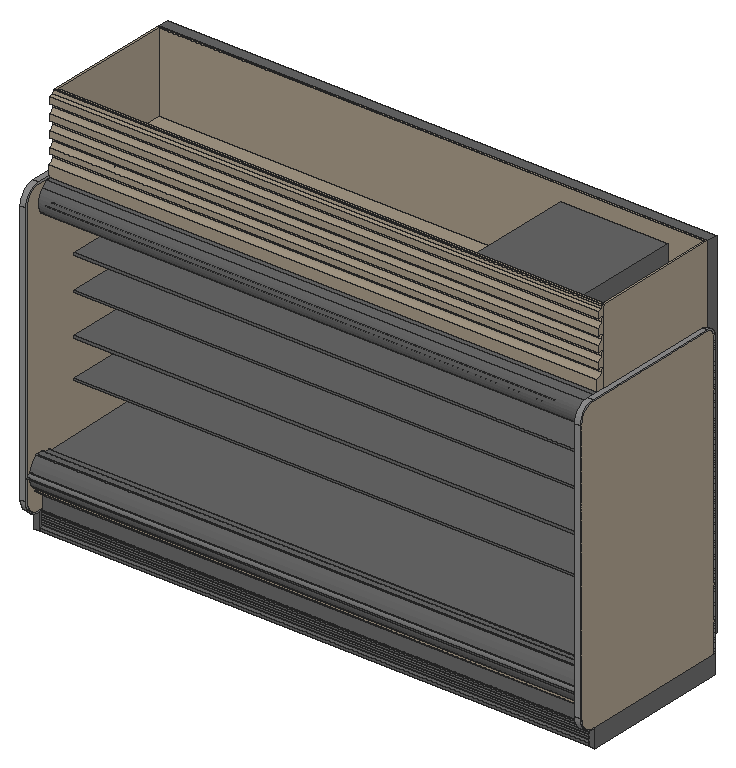
Revit family "O5DMA", category Mechanical Equipment, Revit 2019
Family settings
  Round Connector Dimension = Use Radius
  Part Type = Normal
  OmniClass Number = 23.40.40.11.17
  OmniClass Title = Refrigerated Cases
  Work Plane-Based = Yes
  Always vertical = Yes
  Cut with Voids When Loaded = No
  Shared = No
  Room Calculation Point = No
Parameters (values of type "12'")
  Width = 43 1/4"  # constant formula
  URL = "http://www.hillphoenix.com/?s=o5dma"
  Type of Case = ""
  Timed-Off Defrost Termination Temp = 42 °F  # constant formula
  Timed-Off Defrost Fail-Safe (Min) = "45 (min)"  # constant formula
  TOP REFRIGERATION PIPING = yes
  TOP ELECTRICAL = yes
  Systems Wire = "3 wire + ground"  # constant formula
  Systems Minimum Circuit Amps = 25.3 A
  Systems Maximum Overcurrent Protection = 40 A
  Systems Frequency = 60 Hz
  System Data Volts = 208 V
  System Data Phase = 1  # constant formula
  Superheat Set Point @ Bulb (°F) = "6-8  °F"  # constant formula
  Suction Pressure @ Case Outlet (psig) = 58.00 psi  # constant formula
  Running Load (RLA) Amps = 18 A
  Refrigerant = "R404A"  # constant formula
  Refgn = 28 5/8"
  RT STD END = yes
  RUBBER BUMPER [instance] = BLACK
  REAR REFRIGERATION PIPING = yes
  PAINTED METAL UPPER SHELF = PAINTED SHELVES
  PAINTED METAL INTERIOR [instance] = GALVANIZED STEEL
  PAINTED METAL EXTERIOR [instance] = CHARCOAL BROWN
  Number of Fans = 4
  Model = "O5DMA-NRG"  # constant formula
  Maximum Lights Watts = 195 W
  Maximum Lights Amps = 1.62 A
  Manufacturer = "HILL PHOENIX"  # constant formula
  Locked Rotor (LRA) Amps = 75 A
  Length of Cases = 0"
  Length = 144"
  Legend Number = Model  # "O5DMA-NRG"
  Lbs. of Refrigerant = 8.1
  LF STD END = yes
  Keynote = ""  # constant formula
  Item Description = Description  # "Multi-Deck Merchandiser"
  High Efficiency Watts = 70 W
  High Efficiency Amps = 0.94 A
  Height = 101 21/32"
  GLASS = Glass
  Evaporator Pan Heater  Watts = 0 W
  Evaporator Pan Heater  Amps = 0 A
  EQUIPMENT MARK = Legend Number  # "O5DMA-NRG"
  EQUIPMENT DESCRIPTION = Item Description  # "Multi-Deck Merchandiser"
  Drain Pump Watts = 0 W
  Drain Pump Amps = 0 A
  Discharge Air Velocity (FPM) = 200 FPM  # constant formula
  Discharge Air (°F) = 31 °F  # constant formula
  Description = "Multi-Deck Merchandiser"  # constant formula
  Defrosts Per Day = 6  # constant formula
  Default Elevation = 48"
  DRAIN PIPING = yes
  DRAIN LINE = 72"
  DESIGNERS NAME = "SHIDDRAMESH"  # constant formula
  DATE = "05/20/2016"  # constant formula
  Condensing Frequency (Hz) = 60 Hz
  Condensing Data  Phase = 1  # constant formula
  Condensing  Data Volts = 208 V
  Condensed Horsepower = ""
  Certifications = "NSF 7, UL471, CSA"  # constant formula
  CENTER LINE = Length / 2  # 72"
  BOTTOM REFRIGERATION PIPING = yes
  BOTTOM ELECTRICAL = yes
  BASE [instance] = BLACK PAINTED METAL
  Assembly Code = ""
  24" Shelf = yes
Reference planes (in)
  plane 1: z = 0.01963
  plane 2 "LEFT": x = 0
  plane 3 "CASE RIGHT": x = 144
  plane 4: z = 0
  plane 5: y = -15.80744
  plane 6: x = 145.5
  plane 7: x = 72
  plane 8: y = -59.05744
  plane 9: x = 143.5
  plane 10: z = 17.75897
  plane 11: z = 101.65625
Forms (in)
  Extrusion 1, solid, material "BLACK PAINTED METAL" <- "BASE"
    sketch origin (0, 0, 0) x (0, 1, 0) y (0, 0, 1)
      loop
        line (-15.80744, 5.125) -> (-47.55744, 5.125) -> (-47.55744, 0) -> (-45.71494, 0) -> (-45.71494, 2.94807) -> (-17.58744, 2.94807) -> (-17.58744, 0) -> (-15.80744, 0) -> (-15.80744, 5.125)
    from 0 to 144
  Extrusion 2, solid, material "BLACK PAINTED METAL" <- "BASE"
    sketch origin (0, 0, 0) x (0, 1, 0) y (0, 0, 1)
      loop
        line (-50.20012, 5.125) -> (-53.93244, 8.13836) -> (-53.93244, 0.43216) -> (-47.55744, 0.43216) -> (-47.55744, 5.125) -> (-50.20012, 5.125)
    from 0 to 144
  Extrusion 3, solid, material "BLACK PAINTED METAL"
    sketch origin (0, 0, 0) x (0, 1, 0) y (0, 0, 1)
      loop
        line (-54.22902, 8.37781) -> (-54.22902, 4.78705) -> (-54.22902, 4.64409)
        arc (-54.22902, 4.64409) -> (-54.38049, 4.5454) -> (-54.55908, 4.51727) r 0.43232
        line (-54.55908, 4.51727) -> (-54.55908, 4.01727) -> (-54.48058, 4.01727) -> (-54.06179, 4.09724) -> (-54.19916, 3.66264)
        arc (-54.19916, 3.66264) -> (-54.3352, 3.43693) -> (-54.55908, 3.29789) r 0.56287
        line (-54.55908, 3.29789) -> (-54.55908, 2.79789) -> (-54.48058, 2.79789) -> (-54.06179, 2.88284) -> (-54.19916, 2.44327)
        arc (-54.19916, 2.44327) -> (-54.33489, 2.21725) -> (-54.55908, 2.07851) r 0.55931
        line (-54.55908, 2.07851) -> (-54.55908, 1.57851) -> (-54.48058, 1.57851) -> (-54.06179, 1.66347) -> (-54.18557, 1.22002)
        arc (-54.18557, 1.22002) -> (-54.3739, 0.95321) -> (-54.68244, 0.84617) r 0.53344
        line (-54.68244, 0.84617) -> (-54.68244, 0) -> (-53.93244, 0) -> (-53.93244, 8.13836) -> (-54.22902, 8.37781)
    from 0 to 144
  Extrusion 4, solid, material "BLACK PAINTED METAL" <- "BASE"
    sketch origin (0, 0, 0) x (0, 1, 0) y (0, 0, 1)
      loop
        line (-56.25153, 11.27385) -> (-56.25153, 15.40325) -> (-54.30253, 15.40325) -> (-54.30253, 18.09848) -> (-54.1288, 18.09848) -> (-54.1288, 18.625)
        arc (-54.1288, 18.625) -> (-54.16541, 18.71339) -> (-54.2538, 18.75) r 0.125
        line (-54.2538, 18.75) -> (-55.9238, 18.75)
        arc (-55.9238, 18.75) -> (-56.15185, 18.70691) -> (-56.34846, 18.58357) r 0.625
        arc (-56.34846, 18.58357) -> (-57.60247, 17.03605) -> (-58.36985, 15.19799) r 7
        arc (-58.36985, 15.19799) -> (-57.7124, 14.51884) -> (-58.36985, 13.83968) r 0.67952
        arc (-58.36985, 13.83968) -> (-57.95374, 12.5156) -> (-57.189, 11.35737) r 4.98966
        arc (-57.189, 11.35737) -> (-57.11756, 11.30115) -> (-57.03084, 11.27385) r 0.25263
        line (-57.03084, 11.27385) -> (-56.25153, 11.27385)
    from 0 to 144
  Extrusion 5, solid, material "BLACK PAINTED METAL" <- "BASE"
    sketch origin (0, 0, 0) x (0, 1, 0) y (0, 0, 1)
      loop
        arc (-54.30253, 13.448) -> (-52.47048, 9.13196) -> (-48.09313, 7.45166) r 6
        line (-48.09313, 7.45166) -> (-45.80791, 6.18488) -> (-43.17736, 6.18488) -> (-41.08634, 7.70386) -> (-23.60242, 8.33316)
        arc (-23.60242, 8.33316) -> (-19.4889, 10.16196) -> (-17.78682, 14.32951) r 6.03269
        line (-17.78682, 14.32951) -> (-17.78682, 15.93488) -> (-19.88009, 15.93488) -> (-19.88009, 18.45977)
        arc (-19.88009, 18.45977) -> (-20.03379, 18.16305) -> (-20.34015, 18.02959) r 0.49958
        line (-20.34015, 18.02959) -> (-24.07806, 17.76769) -> (-24.07806, 18.09271) -> (-51.87458, 17.60752) -> (-51.87458, 17.79015)
        arc (-51.87458, 17.79015) -> (-51.94971, 17.99322) -> (-52.13893, 18.09848) r 0.312
        line (-52.13893, 18.09848) -> (-54.30253, 18.09848) -> (-54.30253, 13.448)
    from 0 to 144
  Extrusion 6, solid, material "BLACK" <- "RUBBER BUMPER"
    sketch origin (0, 0, 0) x (0, 1, 0) y (0, 0, 1)
      loop
        circle (-58.38801, 14.51855) r 0.67969
    from 0 to 144
  Extrusion 7, solid, material "CHARCOAL BROWN" <- "PAINTED METAL EXTERIOR"
    sketch origin (0, 0, 0) x (0, 1, 0) y (0, 0, 1)
      loop
        line (-56.25153, 10.01073) -> (-50.20012, 5.125) -> (-15.80744, 5.125) -> (-15.80744, 80.85931) -> (-49.61236, 80.85931) -> (-49.61236, 78.88331) -> (-17.78682, 78.88331) -> (-17.78682, 14.32951)
        arc (-17.78682, 14.32951) -> (-19.4889, 10.16196) -> (-23.60242, 8.33316) r 6.03269
        line (-23.60242, 8.33316) -> (-41.08634, 7.70386) -> (-43.17736, 6.18488) -> (-45.80791, 6.18488) -> (-48.09313, 7.45166)
        arc (-48.09313, 7.45166) -> (-52.47048, 9.13196) -> (-54.30253, 13.448) r 6
        line (-54.30253, 13.448) -> (-54.30253, 15.40325) -> (-56.25153, 15.40325) -> (-56.25153, 10.01073)
    from 0 to 144
  Extrusion 8, solid, material "BLACK PAINTED METAL" <- "BASE", visible <- "24" Shelf"
    sketch origin (0, 0, 0) x (0, 1, 0) y (0, 0, 1)
      loop
        line (-19.87926, 57.79801) -> (-19.87926, 60.75474) -> (-43.87458, 60.75474) -> (-43.87458, 60.19474) -> (-34.27847, 60.19474) -> (-34.21985, 60.05929) -> (-23.41026, 59.12633)
        arc (-23.41026, 59.12633) -> (-22.74189, 58.94595) -> (-22.14862, 58.58919) r 2.5
        line (-22.14862, 58.58919) -> (-21.44578, 58.02048)
        arc (-21.44578, 58.02048) -> (-21.14236, 57.85236) -> (-20.79975, 57.79801) r 1
        line (-20.79975, 57.79801) -> (-19.87926, 57.79801)
    from 0 to 144
  Extrusion 9, solid, material "GALVANIZED STEEL"
    sketch origin (0, 0, 0) x (0, 1, 0) y (0, 0, 1)
      loop
        circle (-50.5347, 75.84283) r 0.5625
      loop
        circle (-52.30955, 75.86355) r 0.5625
    from 0 to 144
  Extrusion 10, solid, material "BLACK PAINTED METAL" <- "BASE"
    sketch origin (0, 0, 0) x (0, 1, 0) y (0, 0, 1)
      loop
        line (-37.63481, 80.85931) -> (-37.63481, 81.6875) -> (-52.8689, 81.6875)
        arc (-52.8689, 81.6875) -> (-53.4977, 81.01793) -> (-54.14931, 80.37052) r 26.53001
        arc (-54.14931, 80.37052) -> (-55.42417, 77.53461) -> (-54.37412, 74.60799) r 4.15516
        arc (-54.37412, 74.60799) -> (-54.21392, 74.51939) -> (-54.03349, 74.55038) r 0.27632
        line (-54.03349, 74.55038) -> (-53.79968, 74.9127) -> (-53.73043, 75.14311) -> (-53.41173, 75.40128) -> (-53.19842, 76.55776) -> (-49.89581, 76.55776) -> (-48.19289, 75.49837) -> (-48.06435, 75.49837) -> (-48.06403, 78.88331) -> (-49.61236, 78.88331) -> (-49.61236, 80.85931) -> (-37.63481, 80.85931)
    from 0 to 144
  Extrusion 11, solid, material "GALVANIZED STEEL" <- "PAINTED METAL INTERIOR"
    sketch origin (0, 0, 0) x (0, 1, 0) y (0, 0, 1)
      loop
        line (-48.06403, 78.88331) -> (-48.06436, 75.36307)
        arc (-48.06436, 75.36307) -> (-48.03874, 75.3012) -> (-47.97687, 75.27557) r 0.08749
        line (-47.97687, 75.27557) -> (-47.63763, 75.27557)
        arc (-47.63763, 75.27557) -> (-47.62513, 75.28807) -> (-47.63763, 75.30057) r 0.0125
        line (-47.63763, 75.30057) -> (-47.97686, 75.30057)
        arc (-47.97686, 75.30057) -> (-48.02106, 75.31888) -> (-48.03936, 75.36307) r 0.0625
        line (-48.03936, 75.36307) -> (-48.03936, 76.47436) -> (-43.92164, 76.47436) -> (-43.92164, 75.36307)
        arc (-43.92164, 75.36307) -> (-43.93994, 75.31888) -> (-43.98414, 75.30057) r 0.0625
        line (-43.98414, 75.30057) -> (-44.35674, 75.30057)
        arc (-44.35674, 75.30057) -> (-44.36924, 75.28807) -> (-44.35674, 75.27557) r 0.0125
        line (-44.35674, 75.27557) -> (-43.98413, 75.27557)
        arc (-43.98413, 75.27557) -> (-43.92226, 75.3012) -> (-43.89664, 75.36306) r 0.08749
        line (-43.89664, 75.36306) -> (-43.89664, 76.75897) -> (-20.87311, 76.75897)
        arc (-20.87311, 76.75897) -> (-20.20195, 76.49895) -> (-19.87926, 75.85558) r 1
        line (-19.87926, 75.85558) -> (-19.87926, 15.93488) -> (-17.78682, 15.93488) -> (-17.78682, 78.88331) -> (-48.06403, 78.88331)
    from 0 to 144
  Extrusion 12, solid, material "BLACK PAINTED METAL" <- "BASE"
    sketch origin (0, 0, 0) x (0, 1, 0) y (0, 0, 1)
      loop
        line (-43.95946, 75.47436) -> (-43.95946, 76.47436) -> (-47.95945, 76.47436) -> (-47.95945, 75.47436) -> (-43.95946, 75.47436)
    from 0 to 144
  Extrusion 13, solid, material "BLACK PAINTED METAL" <- "BASE", visible <- "LF STD END"
    sketch origin (0, -2.3795, -30.67646) x (0, 1, 0) y (0, 0, 1)
      loop
        line (-12.92794, 30.67646) -> (-12.92794, 35.55146) -> (-52.30294, 35.55146) -> (-52.30294, 30.67646) -> (-12.92794, 30.67646)
    from 0 to -1.5
  Extrusion 14, solid, material "GALVANIZED STEEL", visible <- "LF STD END"
    sketch origin (0, 0, 0) x (0, 1, 0) y (0, 0, 1)
      loop
        arc (-59.05744, 77.875) -> (-57.88587, 80.70343) -> (-55.05744, 81.875) r 4
        line (-55.05744, 81.875) -> (-17.55744, 81.875)
        arc (-17.55744, 81.875) -> (-16.14322, 81.28921) -> (-15.55744, 79.875) r 2
        line (-15.55744, 79.875) -> (-15.55744, 4.875) -> (-15.30834, 4.875) -> (-15.30834, 79.87387)
        arc (-15.30834, 79.87387) -> (-15.96695, 81.4639) -> (-17.55699, 82.12251) r 2.24864
        line (-17.55699, 82.12251) -> (-55.05168, 82.12251)
        arc (-55.05168, 82.12251) -> (-58.05413, 80.87886) -> (-59.29778, 77.87642) r 4.24609
        line (-59.29778, 77.87642) -> (-59.29778, 8.8828)
        arc (-59.29778, 8.8828) -> (-57.92141, 5.74874) -> (-54.68244, 4.64158) r 4.25639
        line (-54.68244, 4.64158) -> (-54.68244, 4.875) -> (-55.05744, 4.875)
        arc (-55.05744, 4.875) -> (-57.88587, 6.04657) -> (-59.05744, 8.875) r 4
        line (-59.05744, 8.875) -> (-59.05744, 77.875)
    from 0 to -1.5
  Extrusion 15, solid, material "CHARCOAL BROWN" <- "PAINTED METAL EXTERIOR", visible <- "LF STD END"
    sketch origin (0, 0, 0) x (0, 1, 0) y (0, 0, 1)
      loop
        line (-59.05744, 77.875) -> (-59.05744, 8.875)
        arc (-59.05744, 8.875) -> (-57.88587, 6.04657) -> (-55.05744, 4.875) r 4
        line (-55.05744, 4.875) -> (-15.55744, 4.875) -> (-15.55744, 79.875)
        arc (-15.55744, 79.875) -> (-16.14322, 81.28921) -> (-17.55744, 81.875) r 2
        line (-17.55744, 81.875) -> (-55.05744, 81.875)
        arc (-55.05744, 81.875) -> (-57.88587, 80.70343) -> (-59.05744, 77.875) r 4
    from 0 to -1.5
  Extrusion 16, void
    sketch origin (0, 0, 0) x (1, 0, 0) y (0, 1, 0)
      loop
        circle (72, -44.43244) r 2
    from 0 to 4.875
  Extrusion 17, solid, material "COPPER PIPE", visible <- "DRAIN PIPING"
    sketch origin (0, 0, 0) x (1, 0, 0) y (0, 1, 0)
      loop
        circle (72, -44.43244) r 1.5
    from 2.62634 to 4.875
  Extrusion 18, void
    sketch origin (0, -15.80744, 74.55006) x (0, 0, 1) y (-1, 0, 0)
      loop
        circle (-60.05006, -140) r 2
    from 0 to 1.81288
  Extrusion 19, solid, material "COPPER PIPE", visible <- "REAR REFRIGERATION PIPING"
    sketch origin (72, -10.74044, 0) x (-1, 0, 0) y (0, 0, 1)
      loop
        circle (-68.8665, 14.5) r 0.5
      loop
        circle (-67.35422, 14.5) r 0.375
    from -6.87988 to -4.817
  Extrusion 20, solid, material "BLACK PAINTED METAL" <- "BASE"
    sketch origin (0, 0, 0) x (0, 1, 0) y (0, 0, 1)
      loop
        line (-19.87926, 66.71929) -> (-19.92311, 66.71929) -> (-19.92311, 65.21932) -> (-19.97809, 65.25402) -> (-20.44205, 65.90446) -> (-20.73424, 65.69605)
        arc (-20.73424, 65.69605) -> (-20.75909, 65.66695) -> (-20.75609, 65.6288) r 0.05
        line (-20.75609, 65.6288) -> (-20.44397, 65.01623)
        arc (-20.44397, 65.01623) -> (-20.38221, 64.96159) -> (-20.29977, 64.96375) r 0.1125
        line (-20.29977, 64.96375) -> (-19.94165, 65.11576)
        arc (-19.94165, 65.11576) -> (-19.90335, 65.14257) -> (-19.87926, 65.18263) r 0.1125
        line (-19.87926, 65.18263) -> (-19.87926, 66.71929)
      loop
        line (-27.30277, 75.80368) -> (-27.66571, 76.3125)
        arc (-27.66571, 76.3125) -> (-27.69816, 76.33278) -> (-27.73545, 76.32417) r 0.05
        line (-27.73545, 76.32417) -> (-28.11686, 76.05212) -> (-28.62106, 76.75897) -> (-29.26082, 76.75897) -> (-29.26082, 76.69357) -> (-28.63582, 76.69357) -> (-27.68977, 75.36726)
        arc (-27.68977, 75.36726) -> (-27.65448, 75.35464) -> (-27.61713, 75.35783) r 0.08819
        line (-27.61713, 75.35783) -> (-27.51469, 75.38943) -> (-27.31116, 75.5346) -> (-27.43554, 75.70898) -> (-27.30277, 75.80368)
    from 0 to 144
  Extrusion 21, solid, material "Glass" <- "GLASS"
    sketch origin (0, 0, 0) x (0, 1, 0) y (0, 0, 1)
      loop
        line (-20.64558, 65.75929) -> (-20.44205, 65.90446) -> (-27.31116, 75.5346) -> (-27.51469, 75.38943) -> (-20.64558, 65.75929)
    from 0 to 144
  Extrusion 22, solid, material "GALVANIZED STEEL"
    sketch origin (0, 0, 0) x (0, 1, 0) y (0, 0, 1)
      loop
        circle (-30.47912, 75.6181) r 0.5625
    from 0 to 144
  Extrusion 23, solid, material "BLACK PAINTED METAL" <- "BASE"
    sketch origin (0, 0, 0) x (0, 1, 0) y (0, 0, 1)
      loop
        line (-32.31293, 73.75579) -> (-32.25168, 73.76823) -> (-32.38068, 74.40325) -> (-32.38068, 76.70946) -> (-31.56818, 76.70946) -> (-31.56818, 75.77196) -> (-30.16193, 76.70946) -> (-29.69318, 76.70946) -> (-29.69318, 76.75897) -> (-32.44318, 76.75897) -> (-32.44318, 74.39696) -> (-32.31293, 73.75579)
    from 0 to 144
  Extrusion 24, solid, material "BLACK PAINTED METAL" <- "BASE", visible <- "24" Shelf"
    sketch origin (0, 0, -8.80362) x (0, 1, 0) y (0, 0, 1)
      loop
        line (-19.87926, 57.79801) -> (-19.87926, 60.75474) -> (-43.87458, 60.75474) -> (-43.87458, 60.19474) -> (-34.27847, 60.19474) -> (-34.21985, 60.05929) -> (-23.41026, 59.12633)
        arc (-23.41026, 59.12633) -> (-22.74189, 58.94595) -> (-22.14862, 58.58919) r 2.5
        line (-22.14862, 58.58919) -> (-21.44578, 58.02048)
        arc (-21.44578, 58.02048) -> (-21.14236, 57.85236) -> (-20.79975, 57.79801) r 1
        line (-20.79975, 57.79801) -> (-19.87926, 57.79801)
    from 0 to 144
  Extrusion 25, solid, material "BLACK PAINTED METAL" <- "BASE", visible <- "24" Shelf"
    sketch origin (0, 0, -19.43409) x (0, 1, 0) y (0, 0, 1)
      loop
        line (-19.87926, 57.79801) -> (-19.87926, 60.75474) -> (-43.87458, 60.75474) -> (-43.87458, 60.19474) -> (-34.27847, 60.19474) -> (-34.21985, 60.05929) -> (-23.41026, 59.12633)
        arc (-23.41026, 59.12633) -> (-22.74189, 58.94595) -> (-22.14862, 58.58919) r 2.5
        line (-22.14862, 58.58919) -> (-21.44578, 58.02048)
        arc (-21.44578, 58.02048) -> (-21.14236, 57.85236) -> (-20.79975, 57.79801) r 1
        line (-20.79975, 57.79801) -> (-19.87926, 57.79801)
    from 0 to 144
  Extrusion 26, solid, material "BLACK PAINTED METAL" <- "BASE", visible <- "24" Shelf"
    sketch origin (0, 0, -29.48744) x (0, 1, 0) y (0, 0, 1)
      loop
        line (-19.87926, 57.79801) -> (-19.87926, 60.75474) -> (-43.87458, 60.75474) -> (-43.87458, 60.19474) -> (-34.27847, 60.19474) -> (-34.21985, 60.05929) -> (-23.41026, 59.12633)
        arc (-23.41026, 59.12633) -> (-22.74189, 58.94595) -> (-22.14862, 58.58919) r 2.5
        line (-22.14862, 58.58919) -> (-21.44578, 58.02048)
        arc (-21.44578, 58.02048) -> (-21.14236, 57.85236) -> (-20.79975, 57.79801) r 1
        line (-20.79975, 57.79801) -> (-19.87926, 57.79801)
    from 0 to 144
  Extrusion 27, solid, material "BLACK PAINTED METAL" <- "BASE", visible <- "RT STD END"
    sketch origin (78, -2.3795, -30.67646) x (0, 1, 0) y (0, 0, 1)
      loop
        line (-12.92794, 30.67646) -> (-12.92794, 35.55146) -> (-52.30294, 35.55146) -> (-52.30294, 30.67646) -> (-12.92794, 30.67646)
    from 67.5 to 66
  Extrusion 28, solid, material "GALVANIZED STEEL", visible <- "RT STD END"
    sketch origin (78, 0, 0) x (0, 1, 0) y (0, 0, 1)
      loop
        arc (-59.05744, 77.875) -> (-57.88587, 80.70343) -> (-55.05744, 81.875) r 4
        line (-55.05744, 81.875) -> (-17.55744, 81.875)
        arc (-17.55744, 81.875) -> (-16.14322, 81.28921) -> (-15.55744, 79.875) r 2
        line (-15.55744, 79.875) -> (-15.55744, 4.875) -> (-15.30834, 4.875) -> (-15.30834, 79.87387)
        arc (-15.30834, 79.87387) -> (-15.96695, 81.4639) -> (-17.55699, 82.12251) r 2.24864
        line (-17.55699, 82.12251) -> (-55.05168, 82.12251)
        arc (-55.05168, 82.12251) -> (-58.05413, 80.87886) -> (-59.29778, 77.87642) r 4.24609
        line (-59.29778, 77.87642) -> (-59.29778, 8.8828)
        arc (-59.29778, 8.8828) -> (-57.92141, 5.74874) -> (-54.68244, 4.64158) r 4.25639
        line (-54.68244, 4.64158) -> (-54.68244, 4.875) -> (-55.05744, 4.875)
        arc (-55.05744, 4.875) -> (-57.88587, 6.04657) -> (-59.05744, 8.875) r 4
        line (-59.05744, 8.875) -> (-59.05744, 77.875)
    from 67.5 to 66
  Extrusion 29, solid, material "CHARCOAL BROWN" <- "PAINTED METAL EXTERIOR", visible <- "RT STD END"
    sketch origin (78, 0, 0) x (0, 1, 0) y (0, 0, 1)
      loop
        line (-59.05744, 77.875) -> (-59.05744, 8.875)
        arc (-59.05744, 8.875) -> (-57.88587, 6.04657) -> (-55.05744, 4.875) r 4
        line (-55.05744, 4.875) -> (-15.55744, 4.875) -> (-15.55744, 79.875)
        arc (-15.55744, 79.875) -> (-16.14322, 81.28921) -> (-17.55744, 81.875) r 2
        line (-17.55744, 81.875) -> (-55.05744, 81.875)
        arc (-55.05744, 81.875) -> (-57.88587, 80.70343) -> (-59.05744, 77.875) r 4
    from 67.5 to 66
  Extrusion 30, solid, material "CHARCOAL BROWN" <- "PAINTED METAL EXTERIOR"
    sketch origin (0, 0, 0) x (0, 1, 0) y (0, 0, 1)
      loop
        line (-15.80744, 101.65625) -> (-49.75144, 101.65625) -> (-49.75144, 81.6875) -> (-37.63481, 81.6875) -> (-37.63481, 80.85931) -> (-15.80744, 80.85931) -> (-15.80744, 101.65625)
    from 0 to 0.5
  Extrusion 31, solid, material "CHARCOAL BROWN" <- "PAINTED METAL EXTERIOR"
    sketch origin (0, 0, 0) x (0, 1, 0) y (0, 0, 1)
      loop
        line (-16.30744, 80.85931) -> (-15.80744, 80.85931) -> (-15.80744, 101.65625) -> (-16.30744, 101.65625) -> (-16.30744, 80.85931)
      loop
        line (-49.75144, 101.65625) -> (-49.75144, 81.71875) -> (-49.19533, 81.71875) -> (-49.19533, 101.65625) -> (-49.75144, 101.65625)
    from 0.5 to 143.5
  Extrusion 32, solid, material "CHARCOAL BROWN" <- "PAINTED METAL EXTERIOR"
    sketch origin (107, 0, 0) x (0, 1, 0) y (0, 0, 1)
      loop
        line (-15.80744, 101.65625) -> (-49.75144, 101.65625) -> (-49.75144, 81.6875) -> (-37.634, 81.6875) -> (-37.634, 80.85931) -> (-15.80744, 80.85931) -> (-15.80744, 101.65625)
    from 36.5 to 37
  Extrusion 33, solid, material "BLACK PAINTED METAL" <- "BASE"
    sketch origin (0, 0, 0) x (0, 1, 0) y (0, 0, 1)
      loop
        line (-15.80744, 101.65354) -> (-15.80744, 8.12799) -> (-12.80744, 8.12799) -> (-12.80744, 101.65354) -> (-15.80744, 101.65354)
    from 0 to 144
  Extrusion 34, solid, visible <- "BOTTOM ELECTRICAL"
    sketch origin (0, 0, 0) x (1, 0, 0) y (0, 1, 0)
      loop
        line (2.66524, -23.43754) -> (2.66524, -27.93754) -> (9.66524, -27.93754) -> (9.66524, -23.43754) -> (2.66524, -23.43754)
    from 2.94807 to 2.69807
  Extrusion 35, solid, material "BLACK PAINTED METAL" <- "BASE"
    sketch origin (92, 0.82737, -0.08019) x (0, 1, 0) y (0, 0, 1)
      loop
        line (-37.63481, 80.93949) -> (-18.41481, 80.93949) -> (-18.41481, 98.78097) -> (-50.25971, 98.78097) -> (-50.25971, 81.76769) -> (-37.63481, 81.76769) -> (-37.63481, 80.93949)
    from 15 to 43
  Extrusion 36, solid, material "CHARCOAL BROWN" <- "PAINTED METAL EXTERIOR"
    sketch origin (0, 2.49229, 82.12251) x (0, 1, 0) y (0, 0, 1)
      loop
        line (-52.24373, 19.53374) -> (-52.78351, 19.53374) -> (-52.96445, 18.88553)
        arc (-52.96445, 18.88553) -> (-53.44723, 18.57097) -> (-54.01643, 18.48134) r 1.37791
        line (-54.01643, 18.48134) -> (-54.01643, 16.88772) -> (-53.76623, 16.88772) -> (-52.43145, 17.1426) -> (-52.86927, 15.75743)
        arc (-52.86927, 15.75743) -> (-53.30288, 15.03804) -> (-54.01643, 14.59488) r 1.79401
        line (-54.01643, 14.59488) -> (-54.01643, 12.804) -> (-53.76623, 12.804) -> (-52.43145, 13.05888) -> (-52.86927, 11.67371)
        arc (-52.86927, 11.67371) -> (-53.30288, 10.95432) -> (-54.01643, 10.51116) r 1.79401
        line (-54.01643, 10.51116) -> (-54.01643, 8.91754) -> (-53.76623, 8.91754) -> (-52.43145, 9.1883) -> (-52.87108, 7.78734)
        arc (-52.87108, 7.78734) -> (-53.30525, 7.06498) -> (-54.02265, 6.62269) r 1.78322
        line (-54.02265, 6.62269) -> (-54.02265, 5.03109) -> (-53.76623, 5.03109) -> (-52.43145, 5.30186) -> (-52.82597, 3.88849)
        arc (-52.82597, 3.88849) -> (-53.42622, 3.03812) -> (-54.4096, 2.69695) r 1.7002
        line (-54.4096, 2.69695) -> (-54.4096, 0) -> (-52.24373, 0) -> (-52.24373, 19.53374)
    from 0 to 144
Cuts and joins
  Extrusion 16 cuts Extrusion 1
  Extrusion 18 cuts Extrusion 5
  Extrusion 18 cuts Extrusion 7
  Extrusion 18 cuts Extrusion 11
Dimensions and locks (in)
  "Length": plane 2 "LEFT" to plane 3 "CASE RIGHT"
  "DRAIN LINE": plane 2 "LEFT" to plane 7
  locked: plane 3 "CASE RIGHT" to plane 6 at 1.5
  "Width": plane 5 to plane 8
  locked: Extrusion 16 sketch curve to plane 5 at 28.625
  locked: Extrusion 17 sketch curve to plane 5 at 28.625
  locked: plane 5 to Extrusion 11 sketch curve at 32.25659
  locked: plane 9 to plane 3 "CASE RIGHT" at 0.5
  cut or joined group of Extrusion 1, Extrusion 16 to cut or joined group of Extrusion 1, Extrusion 16 = 31 3/4"
  cut or joined group of Extrusion 1, Extrusion 16 to Extrusion 3 = 6 3/8"
  plane 5 to Extrusion 13 = 38 7/8"
  plane 4 to Extrusion 6 = 14.51855"
  plane 4 to Extrusion 4 = 18 3/4"
  Extrusion 10 to Extrusion 4 = 55.76552"
  plane 5 to Extrusion 36 = 36.10987"
  plane 5 to Extrusion 10 = 39.61989"
  cut or joined group of Extrusion 11, Extrusion 18 to Extrusion 24 = 23.99532"
  cut or joined group of Extrusion 7, Extrusion 18 to level = 5 1/8"
  cut or joined group of Extrusion 11, Extrusion 18 to cut or joined group of Extrusion 5, Extrusion 18 = 31.99532"
  locked: Extrusion 35 to Extrusion 32 at 8.5
  Extrusion 13 to Extrusion 30 = 81 11/16"
  cut or joined group of Extrusion 11, Extrusion 18 to plane 10 = 59"
  Extrusion 30 to Extrusion 31 = 19 15/16"
  cut or joined group of Extrusion 11, Extrusion 18 to Extrusion 8 = 23.99532"
  Extrusion 25 to Extrusion 25 = 23.99532"
  Extrusion 26 to Extrusion 26 = 23.99532"
  "Height": Extrusion 13 to plane 11
  locked: Extrusion 35 to Extrusion 35 at 28
  aligned and locked: plane 3 "CASE RIGHT" to Extrusion 7
  aligned and locked: plane 3 "CASE RIGHT" to Extrusion 11
  aligned and locked: plane 3 "CASE RIGHT" to Extrusion 10
  aligned and locked: plane 3 "CASE RIGHT" to Extrusion 12
  aligned and locked: plane 3 "CASE RIGHT" to Extrusion 9
  aligned and locked: plane 3 "CASE RIGHT" to Extrusion 5
  aligned and locked: plane 3 "CASE RIGHT" to Extrusion 1
  aligned and locked: plane 3 "CASE RIGHT" to Extrusion 8
  aligned and locked: plane 3 "CASE RIGHT" to Extrusion 2
  aligned and locked: plane 3 "CASE RIGHT" to Extrusion 4
  aligned and locked: plane 3 "CASE RIGHT" to Extrusion 3
  aligned and locked: plane 3 "CASE RIGHT" to Extrusion 6
  aligned and locked: plane 3 "CASE RIGHT" to Extrusion 24
  aligned and locked: plane 3 "CASE RIGHT" to Extrusion 25
  aligned and locked: plane 3 "CASE RIGHT" to Extrusion 26
  aligned and locked: plane 3 "CASE RIGHT" to Extrusion 21
  aligned and locked: plane 3 "CASE RIGHT" to Extrusion 23
  aligned and locked: plane 3 "CASE RIGHT" to Extrusion 20
  aligned and locked: plane 3 "CASE RIGHT" to Extrusion 22
  aligned and locked: Extrusion 28 to plane 3 "CASE RIGHT"
  aligned and locked: plane 6 to Extrusion 28
  aligned and locked: Extrusion 29 to plane 3 "CASE RIGHT"
  aligned and locked: plane 6 to Extrusion 29
  aligned and locked: Extrusion 27 to plane 3 "CASE RIGHT"
  aligned and locked: plane 6 to Extrusion 27
  aligned and locked: plane 3 "CASE RIGHT" to Extrusion 32
  aligned and locked: Extrusion 32 to plane 9
  aligned and locked: Extrusion 31 to Extrusion 32
  aligned and locked: plane 3 "CASE RIGHT" to Extrusion 33
  aligned and locked: Extrusion 32 to Extrusion 36
Automatic sketch dimensions
  Extrusion 1 sketch curve to level = 0"  (x3)
  Extrusion 1 sketch curve to plane 5 = 0"
  plane 5 to Extrusion 1 sketch curve = 1.78"
  plane 1 to Extrusion 1 sketch curve = 2.92844"
  Extrusion 1 sketch curve to plane 8 = 13.3425"
  Extrusion 1 sketch curve to Extrusion 1 sketch curve = 1.8425"
  Extrusion 1 sketch curve to Extrusion 1 sketch curve = 2.17693"
  Extrusion 2 sketch curve to plane 8 = 5 1/8"
  Extrusion 2 sketch curve to Extrusion 2 sketch curve = 3.73232"
  Extrusion 2 sketch curve to Extrusion 2 sketch curve = 2.64268"
  plane 1 to Extrusion 2 sketch curve = 0.41253"
  plane 1 to Extrusion 2 sketch curve = 5.10537"
  Extrusion 2 sketch curve to Extrusion 2 sketch curve = 3.01336"
  Extrusion 3 sketch curve to level = 0"
  Extrusion 3 sketch curve to plane 8 = 4.32158"
  Extrusion 3 sketch curve to Extrusion 3 sketch curve = 0.00285"
  Extrusion 3 sketch curve to Extrusion 3 sketch curve = 0.03839"
  Extrusion 3 sketch curve to Extrusion 3 sketch curve = 0.01218"
  Extrusion 3 sketch curve to Extrusion 3 sketch curve = 0.17393"
  Extrusion 3 sketch curve to Extrusion 3 sketch curve = 0.17678"
  Extrusion 3 sketch curve to Extrusion 3 sketch curve = 0.13554"
  Extrusion 3 sketch curve to Extrusion 3 sketch curve = 0.02353"
  plane 1 to Extrusion 3 sketch curve = 1.55888"
  Extrusion 3 sketch curve to Extrusion 3 sketch curve = 0.0785"  (x3)
  Extrusion 3 sketch curve to Extrusion 3 sketch curve = 0.33006"
  Extrusion 3 sketch curve to Extrusion 3 sketch curve = 0.30652"
  Extrusion 3 sketch curve to Extrusion 3 sketch curve = 0.28142"  (x2)
  plane 1 to Extrusion 3 sketch curve = 2.42364"
  plane 1 to Extrusion 3 sketch curve = 1.20039"
  Extrusion 3 sketch curve to Extrusion 3 sketch curve = 0.29501"
  Extrusion 3 sketch curve to Extrusion 3 sketch curve = 0.41879"  (x3)
  plane 1 to Extrusion 3 sketch curve = 1.64384"
  Extrusion 3 sketch curve to Extrusion 3 sketch curve = 0.29658"
  Extrusion 3 sketch curve to Extrusion 3 sketch curve = 0.37385"
  Extrusion 3 sketch curve to Extrusion 3 sketch curve = 1/2"  (x3)
  Extrusion 3 sketch curve to Extrusion 3 sketch curve = 0.1878"
  Extrusion 3 sketch curve to Extrusion 3 sketch curve = 0.08495"
  Extrusion 3 sketch curve to Extrusion 3 sketch curve = 0.36475"
  Extrusion 3 sketch curve to Extrusion 3 sketch curve = 0.18499"
  Extrusion 3 sketch curve to Extrusion 3 sketch curve = 0.07997"
  Extrusion 3 sketch curve to Extrusion 3 sketch curve = 0.12681"
  Extrusion 3 sketch curve to Extrusion 3 sketch curve = 3.1894"
  Extrusion 3 sketch curve to Extrusion 3 sketch curve = 0.23945"
  Extrusion 3 sketch curve to Extrusion 3 sketch curve = 0.14297"
  Extrusion 3 sketch curve to Extrusion 3 sketch curve = 0"
  Extrusion 4 sketch curve to plane 8 = 0.66552"
  Extrusion 4 sketch curve to plane 8 = 2.0266"
  Extrusion 4 sketch curve to Extrusion 4 sketch curve = 1/32"
  Extrusion 4 sketch curve to Extrusion 4 sketch curve = 0.7793"
  Extrusion 4 sketch curve to plane 8 = 3.13364"
  Extrusion 4 sketch curve to Extrusion 4 sketch curve = 1.949"
  Extrusion 4 sketch curve to Extrusion 4 sketch curve = 0.04874"
  Extrusion 4 sketch curve to Extrusion 4 sketch curve = 0.17374"
  Extrusion 4 sketch curve to Extrusion 4 sketch curve = 0.85461"
  Extrusion 4 sketch curve to Extrusion 4 sketch curve = 1.85569"
  plane 1 to Extrusion 4 sketch curve = 11.25422"
  Extrusion 4 sketch curve to Extrusion 4 sketch curve = 0.25069"
  Extrusion 4 sketch curve to Extrusion 4 sketch curve = 2.17373"
  Extrusion 4 sketch curve to Extrusion 4 sketch curve = 2.9943"
  Extrusion 4 sketch curve to Extrusion 4 sketch curve = 1.21147"
  Extrusion 4 sketch curve to Extrusion 4 sketch curve = 0.88442"
  Extrusion 4 sketch curve to Extrusion 4 sketch curve = 2.69523"
  Extrusion 4 sketch curve to Extrusion 4 sketch curve = 0.02651"
  Extrusion 4 sketch curve to Extrusion 4 sketch curve = 0.52652"
  Extrusion 4 sketch curve to Extrusion 4 sketch curve = 0.02206"
  Extrusion 4 sketch curve to Extrusion 4 sketch curve = 0.02207"
  Extrusion 4 sketch curve to Extrusion 4 sketch curve = 0"
  Extrusion 5 sketch curve to plane 8 = 4.7549"
  Extrusion 5 sketch curve to Extrusion 5 sketch curve = 2.11595"
  Extrusion 5 sketch curve to Extrusion 5 sketch curve = 0.04766"
  Extrusion 5 sketch curve to Extrusion 5 sketch curve = 0.312"
  Extrusion 5 sketch curve to Extrusion 5 sketch curve = 3.57205"
  Extrusion 5 sketch curve to Extrusion 5 sketch curve = 0.2094"
  plane 1 to Extrusion 5 sketch curve = 6.16525"
  Extrusion 5 sketch curve to Extrusion 5 sketch curve = 2.28522"
  Extrusion 5 sketch curve to Extrusion 5 sketch curve = 2.63055"
  plane 1 to Extrusion 5 sketch curve = 7.68422"
  Extrusion 5 sketch curve to Extrusion 5 sketch curve = 2.09102"
  plane 5 to Extrusion 5 sketch curve = 8.27062"
  Extrusion 5 sketch curve to Extrusion 5 sketch curve = 0.25864"
  Extrusion 5 sketch curve to Extrusion 5 sketch curve = 0.217"
  Extrusion 5 sketch curve to Extrusion 5 sketch curve = 3.70306"
  Extrusion 5 sketch curve to Extrusion 5 sketch curve = 0.4949"
  plane 5 to Extrusion 5 sketch curve = 1.97938"
  Extrusion 5 sketch curve to Extrusion 5 sketch curve = 1.26678"
  plane 1 to Extrusion 5 sketch curve = 8.31353"
  Extrusion 5 sketch curve to Extrusion 5 sketch curve = 5.99634"
  Extrusion 5 sketch curve to Extrusion 5 sketch curve = 1.60537"
  Extrusion 5 sketch curve to Extrusion 5 sketch curve = 4.15952"
  Extrusion 5 sketch curve to Extrusion 5 sketch curve = 3.40574"
  Extrusion 5 sketch curve to Extrusion 5 sketch curve = 0.18263"
  Extrusion 5 sketch curve to Extrusion 5 sketch curve = 0.32502"
  Extrusion 5 sketch curve to Extrusion 5 sketch curve = 2.52489"
  Extrusion 5 sketch curve to Extrusion 5 sketch curve = 0.06818"
  Extrusion 5 sketch curve to Extrusion 5 sketch curve = 0.03485"
  Extrusion 5 sketch curve to Extrusion 5 sketch curve = 0.00045"
  Extrusion 5 sketch curve to Extrusion 5 sketch curve = 0.00049"
  Extrusion 6 sketch curve to plane 8 = 0.66942"
  plane 1 to Extrusion 6 sketch curve = 14.49892"
  Extrusion 7 sketch curve to plane 5 = 0"
  plane 5 to Extrusion 7 sketch curve = 1.97938"
  plane 5 to Extrusion 7 sketch curve = 7.79498"
  Extrusion 7 sketch curve to Extrusion 7 sketch curve = 0.217"
  plane 1 to Extrusion 7 sketch curve = 7.68422"
  Extrusion 7 sketch curve to Extrusion 7 sketch curve = 17.48392"
  plane 1 to Extrusion 7 sketch curve = 6.16525"
  Extrusion 7 sketch curve to Extrusion 7 sketch curve = 2.09102"
  Extrusion 7 sketch curve to Extrusion 7 sketch curve = 2.63055"
  Extrusion 7 sketch curve to Extrusion 7 sketch curve = 2.28522"
  Extrusion 7 sketch curve to Extrusion 7 sketch curve = 0.2094"
  Extrusion 7 sketch curve to plane 8 = 9.44508"
  Extrusion 7 sketch curve to Extrusion 7 sketch curve = 2.10699"
  Extrusion 7 sketch curve to plane 8 = 4.7549"
  Extrusion 7 sketch curve to Extrusion 7 sketch curve = 1.949"
  plane 1 to Extrusion 7 sketch curve = 5.10537"
  Extrusion 7 sketch curve to Extrusion 7 sketch curve = 1.26678"
  plane 1 to Extrusion 7 sketch curve = 8.31353"
  Extrusion 7 sketch curve to Extrusion 7 sketch curve = 3.43727"
  Extrusion 7 sketch curve to Extrusion 7 sketch curve = 5.99634"
  Extrusion 7 sketch curve to Extrusion 7 sketch curve = 1.95525"
  Extrusion 7 sketch curve to Extrusion 7 sketch curve = 1.976"
  Extrusion 8 sketch curve to plane 8 = 15.18286"
  Extrusion 8 sketch curve to Extrusion 8 sketch curve = 9.59612"
  Extrusion 8 sketch curve to Extrusion 8 sketch curve = 15/256"
  plane 5 to Extrusion 8 sketch curve = 7.91376"
  Extrusion 8 sketch curve to Extrusion 8 sketch curve = 0.31094"
  Extrusion 8 sketch curve to Extrusion 8 sketch curve = 1.26163"
  Extrusion 8 sketch curve to Extrusion 8 sketch curve = 0.70284"
  Extrusion 8 sketch curve to Extrusion 8 sketch curve = 0.62903"
  Extrusion 8 sketch curve to Extrusion 8 sketch curve = 0.64603"
  Extrusion 8 sketch curve to Extrusion 8 sketch curve = 15/16"
  Extrusion 8 sketch curve to Extrusion 8 sketch curve = 1.15227"
  Extrusion 8 sketch curve to Extrusion 8 sketch curve = 0.22247"
  Extrusion 8 sketch curve to Extrusion 8 sketch curve = 0.56871"
  Extrusion 8 sketch curve to Extrusion 8 sketch curve = 0.93296"
  Extrusion 8 sketch curve to Extrusion 8 sketch curve = 0.13545"
  Extrusion 8 sketch curve to Extrusion 8 sketch curve = 0.56"
  plane 8 to Extrusion 10 sketch curve = 13.46197"
  Extrusion 10 sketch curve to plane 8 = 4.88959"
  Extrusion 10 sketch curve to Extrusion 10 sketch curve = 0.13435"
  Extrusion 10 sketch curve to Extrusion 10 sketch curve = 0.36817"
  Extrusion 10 sketch curve to Extrusion 10 sketch curve = 0.06925"
  Extrusion 10 sketch curve to Extrusion 10 sketch curve = 0.3187"
  Extrusion 10 sketch curve to Extrusion 10 sketch curve = 0.21332"
  Extrusion 10 sketch curve to Extrusion 10 sketch curve = 0.32952"
  Extrusion 10 sketch curve to Extrusion 10 sketch curve = 1.92625"
  Extrusion 10 sketch curve to Extrusion 10 sketch curve = 1.37636"
  Extrusion 10 sketch curve to Extrusion 10 sketch curve = 1.65981"
  Extrusion 10 sketch curve to Extrusion 10 sketch curve = 1.70292"
  Extrusion 10 sketch curve to Extrusion 10 sketch curve = 0.12854"
  Extrusion 10 sketch curve to Extrusion 10 sketch curve = 1.54832"
  Extrusion 10 sketch curve to Extrusion 10 sketch curve = 10.42922"
  Extrusion 10 sketch curve to Extrusion 10 sketch curve = 0.82819"
  Extrusion 10 sketch curve to Extrusion 10 sketch curve = 1.976"
  Extrusion 10 sketch curve to Extrusion 10 sketch curve = 1.51068"
  Extrusion 10 sketch curve to Extrusion 10 sketch curve = 0.81486"
  Extrusion 10 sketch curve to Extrusion 10 sketch curve = 1.05939"
  Extrusion 10 sketch curve to Extrusion 10 sketch curve = 1.15648"
  Extrusion 10 sketch curve to Extrusion 10 sketch curve = 0.25817"
  Extrusion 10 sketch curve to Extrusion 10 sketch curve = 0.23041"
  Extrusion 10 sketch curve to Extrusion 10 sketch curve = 0.12087"
  Extrusion 10 sketch curve to Extrusion 10 sketch curve = 0.24145"
  Extrusion 10 sketch curve to Extrusion 10 sketch curve = 0"
  Extrusion 11 sketch curve to Extrusion 11 sketch curve = 0.00033"
  Extrusion 11 sketch curve to Extrusion 11 sketch curve = 0.025"  (x2)
  Extrusion 11 sketch curve to Extrusion 11 sketch curve = 1/16"  (x2)
  Extrusion 11 sketch curve to Extrusion 11 sketch curve = 0"  (x4)
  Extrusion 11 sketch curve to Extrusion 11 sketch curve = 0.33923"
  Extrusion 11 sketch curve to Extrusion 11 sketch curve = 3.2809"
  Extrusion 11 sketch curve to Extrusion 11 sketch curve = 0.3726"
  plane 5 to Extrusion 11 sketch curve = 5.06714"
  Extrusion 11 sketch curve to Extrusion 11 sketch curve = 0.00147"
  plane 5 to Extrusion 11 sketch curve = 4.07182"
  plane 5 to Extrusion 11 sketch curve = 1.97938"
  plane 1 to Extrusion 11 sketch curve = 15.91525"
  Extrusion 11 sketch curve to Extrusion 11 sketch curve = 0.0125"  (x2)
  Extrusion 11 sketch curve to Extrusion 11 sketch curve = 0.39591"
  Extrusion 11 sketch curve to Extrusion 11 sketch curve = 0.0966"
  Extrusion 11 sketch curve to Extrusion 11 sketch curve = 0.28461"
  Extrusion 11 sketch curve to Extrusion 11 sketch curve = 3.02773"
  Extrusion 12 sketch curve to plane 8 = 11.09798"
  Extrusion 12 sketch curve to Extrusion 12 sketch curve = 4"
  Extrusion 12 sketch curve to Extrusion 12 sketch curve = 1"
  Extrusion 13 sketch curve to level = 0"
  Extrusion 13 sketch curve to plane 8 = 4 3/8"
  Extrusion 13 sketch curve to plane 5 = 1/2"
  plane 1 to Extrusion 13 sketch curve = 4.85537"
  Extrusion 14 sketch curve to plane 8 = 0"
  plane 8 to Extrusion 14 sketch curve = 0.24034"
  Extrusion 14 sketch curve to plane 8 = 4"  (x2)
  Extrusion 14 sketch curve to Extrusion 14 sketch curve = 0.00575"
  Extrusion 14 sketch curve to Extrusion 14 sketch curve = 0.01604"
  Extrusion 14 sketch curve to Extrusion 14 sketch curve = 3/8"
  plane 5 to Extrusion 14 sketch curve = 1 3/4"
  Extrusion 14 sketch curve to Extrusion 14 sketch curve = 0.00045"
  Extrusion 14 sketch curve to plane 5 = 1/4"
  Extrusion 14 sketch curve to Extrusion 14 sketch curve = 0.2491"
  plane 1 to Extrusion 14 sketch curve = 4.62195"
  Extrusion 14 sketch curve to Extrusion 14 sketch curve = 0.23342"
  plane 1 to Extrusion 14 sketch curve = 4.85537"
  Extrusion 14 sketch curve to Extrusion 14 sketch curve = 0.00142"
  Extrusion 15 sketch curve to plane 8 = 0"
  Extrusion 15 sketch curve to plane 8 = 4"  (x2)
  plane 5 to Extrusion 15 sketch curve = 1 3/4"
  Extrusion 15 sketch curve to plane 5 = 1/4"
  plane 1 to Extrusion 15 sketch curve = 4.85537"
  Extrusion 16 sketch curve to plane 7 = 0"
  Extrusion 17 sketch curve to plane 7 = 0"
  Extrusion 18 sketch curve to Extrusion 7 = 4"
  Extrusion 18 sketch curve to Extrusion 7 = 9 3/8"
  Extrusion 19 sketch curve to plane 9 = 2.6335"
  Extrusion 19 sketch curve to Extrusion 19 sketch curve = 1.51228"
  plane 1 to Extrusion 19 sketch curve = 14.48037"
  Extrusion 19 sketch curve to Extrusion 19 sketch curve = 0"
  plane 5 to Extrusion 20 sketch curve = 13.45338"
  Extrusion 20 sketch curve to Extrusion 20 sketch curve = 5/8"
  Extrusion 20 sketch curve to Extrusion 20 sketch curve = 0.01476"
  Extrusion 20 sketch curve to Extrusion 20 sketch curve = 0.51896"
  Extrusion 20 sketch curve to Extrusion 20 sketch curve = 0.38141"
  Extrusion 20 sketch curve to Extrusion 20 sketch curve = 0.02904"  (x2)
  Extrusion 20 sketch curve to Extrusion 20 sketch curve = 0.42709"
  Extrusion 20 sketch curve to Extrusion 20 sketch curve = 0.04071"
  Extrusion 20 sketch curve to Extrusion 20 sketch curve = 0.04665"
  Extrusion 20 sketch curve to Extrusion 20 sketch curve = 0.07265"
  Extrusion 20 sketch curve to Extrusion 20 sketch curve = 0.10244"
  Extrusion 20 sketch curve to Extrusion 20 sketch curve = 0.07915"
  Extrusion 20 sketch curve to Extrusion 20 sketch curve = 0.12438"
  Extrusion 20 sketch curve to Extrusion 20 sketch curve = 0.13277"
  plane 5 to Extrusion 20 sketch curve = 4.94865"
  Extrusion 20 sketch curve to Extrusion 20 sketch curve = 0.02185"
  Extrusion 20 sketch curve to Extrusion 20 sketch curve = 0.0227"  (x2)
  Extrusion 20 sketch curve to Extrusion 20 sketch curve = 0.31212"
  Extrusion 20 sketch curve to Extrusion 20 sketch curve = 0.29219"
  Extrusion 20 sketch curve to Extrusion 20 sketch curve = 0.10024"
  Extrusion 20 sketch curve to Extrusion 20 sketch curve = 0.04396"  (x2)
  Extrusion 20 sketch curve to Extrusion 20 sketch curve = 0.35812"
  Extrusion 20 sketch curve to Extrusion 20 sketch curve = 0.00752"
  Extrusion 20 sketch curve to Extrusion 20 sketch curve = 1/16"
  Extrusion 20 sketch curve to Extrusion 20 sketch curve = 0.04385"
  Extrusion 20 sketch curve to Extrusion 20 sketch curve = 0.05248"
  Extrusion 20 sketch curve to Extrusion 20 sketch curve = 0.15201"
  Extrusion 20 sketch curve to Extrusion 20 sketch curve = 0.06687"
  Extrusion 20 sketch curve to Extrusion 20 sketch curve = 0.03668"
  Extrusion 20 sketch curve to Extrusion 20 sketch curve = 0.0347"
  Extrusion 20 sketch curve to Extrusion 20 sketch curve = 0.61257"
  Extrusion 20 sketch curve to Extrusion 20 sketch curve = 0.81482"
  Extrusion 20 sketch curve to Extrusion 20 sketch curve = 8.63854"
  Extrusion 20 sketch curve to Extrusion 20 sketch curve = 0.00943"
  Extrusion 20 sketch curve to Extrusion 20 sketch curve = 0.0316"
  Extrusion 20 sketch curve to Extrusion 20 sketch curve = 0.14518"
  Extrusion 20 sketch curve to Extrusion 20 sketch curve = 0.26039"
  Extrusion 20 sketch curve to Extrusion 20 sketch curve = 0.0654"
  plane 5 to Extrusion 21 sketch curve = 11.70725"
  Extrusion 21 sketch curve to Extrusion 21 sketch curve = 0.20353"
  plane 5 to Extrusion 21 sketch curve = 4.83814"
  Extrusion 21 sketch curve to Extrusion 21 sketch curve = 0.14518"
  plane 5 to Extrusion 23 sketch curve = 16.63574"
  Extrusion 23 sketch curve to Extrusion 23 sketch curve = 1/16"
  Extrusion 23 sketch curve to Extrusion 23 sketch curve = 0.06775"
  Extrusion 23 sketch curve to Extrusion 23 sketch curve = 0.06125"
  Extrusion 23 sketch curve to Extrusion 23 sketch curve = 13/16"
  Extrusion 23 sketch curve to Extrusion 23 sketch curve = 1 13/32"
  Extrusion 23 sketch curve to Extrusion 23 sketch curve = 15/32"
  Extrusion 23 sketch curve to Extrusion 23 sketch curve = 0.01244"
  Extrusion 23 sketch curve to Extrusion 23 sketch curve = 1.36872"
  Extrusion 23 sketch curve to Extrusion 23 sketch curve = 15/16"
  Extrusion 23 sketch curve to Extrusion 23 sketch curve = 0"
  Extrusion 23 sketch curve to Extrusion 23 sketch curve = 0.04951"
  Extrusion 24 sketch curve to plane 8 = 15.18286"
  Extrusion 24 sketch curve to Extrusion 24 sketch curve = 9.59612"
  Extrusion 24 sketch curve to Extrusion 24 sketch curve = 15/256"
  plane 5 to Extrusion 24 sketch curve = 7.91376"
  Extrusion 24 sketch curve to Extrusion 24 sketch curve = 0.31094"
  Extrusion 24 sketch curve to Extrusion 24 sketch curve = 1.26163"
  Extrusion 24 sketch curve to Extrusion 24 sketch curve = 0.70284"
  Extrusion 24 sketch curve to Extrusion 24 sketch curve = 0.62903"
  Extrusion 24 sketch curve to Extrusion 24 sketch curve = 0.64603"
  Extrusion 24 sketch curve to Extrusion 24 sketch curve = 15/16"
  plane 1 to Extrusion 24 sketch curve = 47.82249"
  Extrusion 24 sketch curve to Extrusion 24 sketch curve = 1.15227"
  Extrusion 24 sketch curve to Extrusion 24 sketch curve = 0.22247"
  Extrusion 24 sketch curve to Extrusion 24 sketch curve = 0.56871"
  Extrusion 24 sketch curve to Extrusion 24 sketch curve = 0.93296"
  Extrusion 24 sketch curve to Extrusion 24 sketch curve = 0.13545"
  Extrusion 24 sketch curve to Extrusion 24 sketch curve = 0.56"
  Extrusion 25 sketch curve to plane 8 = 15.18286"
  Extrusion 25 sketch curve to Extrusion 25 sketch curve = 9.59612"
  Extrusion 25 sketch curve to Extrusion 25 sketch curve = 15/256"
  plane 5 to Extrusion 25 sketch curve = 7.91376"
  Extrusion 25 sketch curve to Extrusion 25 sketch curve = 0.31094"
  Extrusion 25 sketch curve to Extrusion 25 sketch curve = 1.26163"
  Extrusion 25 sketch curve to Extrusion 25 sketch curve = 0.70284"
  Extrusion 25 sketch curve to Extrusion 25 sketch curve = 0.62903"
  Extrusion 25 sketch curve to Extrusion 25 sketch curve = 0.64603"
  Extrusion 25 sketch curve to Extrusion 25 sketch curve = 15/16"
  plane 1 to Extrusion 25 sketch curve = 37.19202"
  Extrusion 25 sketch curve to Extrusion 25 sketch curve = 1.15227"
  Extrusion 25 sketch curve to Extrusion 25 sketch curve = 0.22247"
  Extrusion 25 sketch curve to Extrusion 25 sketch curve = 0.56871"
  Extrusion 25 sketch curve to Extrusion 25 sketch curve = 0.93296"
  Extrusion 25 sketch curve to Extrusion 25 sketch curve = 0.13545"
  Extrusion 25 sketch curve to Extrusion 25 sketch curve = 0.56"
  Extrusion 26 sketch curve to plane 8 = 15.18286"
  Extrusion 26 sketch curve to Extrusion 26 sketch curve = 9.59612"
  Extrusion 26 sketch curve to Extrusion 26 sketch curve = 15/256"
  plane 5 to Extrusion 26 sketch curve = 7.91376"
  Extrusion 26 sketch curve to Extrusion 26 sketch curve = 0.31094"
  Extrusion 26 sketch curve to Extrusion 26 sketch curve = 1.26163"
  Extrusion 26 sketch curve to Extrusion 26 sketch curve = 0.70284"
  Extrusion 26 sketch curve to Extrusion 26 sketch curve = 0.62903"
  Extrusion 26 sketch curve to Extrusion 26 sketch curve = 0.64603"
  Extrusion 26 sketch curve to Extrusion 26 sketch curve = 15/16"
  plane 1 to Extrusion 26 sketch curve = 27.13867"
  Extrusion 26 sketch curve to Extrusion 26 sketch curve = 1.15227"
  Extrusion 26 sketch curve to Extrusion 26 sketch curve = 0.22247"
  Extrusion 26 sketch curve to Extrusion 26 sketch curve = 0.56871"
  Extrusion 26 sketch curve to Extrusion 26 sketch curve = 0.93296"
  Extrusion 26 sketch curve to Extrusion 26 sketch curve = 0.13545"
  Extrusion 26 sketch curve to Extrusion 26 sketch curve = 0.56"
  Extrusion 27 sketch curve to level = 0"
  Extrusion 27 sketch curve to plane 8 = 4 3/8"
  Extrusion 27 sketch curve to plane 5 = 1/2"
  plane 1 to Extrusion 27 sketch curve = 4.85537"
  Extrusion 28 sketch curve to plane 8 = 0"
  plane 8 to Extrusion 28 sketch curve = 0.24034"
  Extrusion 28 sketch curve to plane 8 = 4"  (x2)
  Extrusion 28 sketch curve to Extrusion 28 sketch curve = 0.00575"
  Extrusion 28 sketch curve to Extrusion 28 sketch curve = 0.01604"
  Extrusion 28 sketch curve to Extrusion 28 sketch curve = 3/8"
  plane 5 to Extrusion 28 sketch curve = 1 3/4"
  Extrusion 28 sketch curve to Extrusion 28 sketch curve = 0.00045"
  Extrusion 28 sketch curve to plane 5 = 1/4"
  Extrusion 28 sketch curve to Extrusion 28 sketch curve = 0.2491"
  plane 1 to Extrusion 28 sketch curve = 4.62195"
  Extrusion 28 sketch curve to Extrusion 28 sketch curve = 0.23342"
  plane 1 to Extrusion 28 sketch curve = 4.85537"
  Extrusion 28 sketch curve to Extrusion 28 sketch curve = 0.00142"
  Extrusion 29 sketch curve to plane 8 = 0"
  Extrusion 29 sketch curve to plane 8 = 4"  (x2)
  plane 5 to Extrusion 29 sketch curve = 1 3/4"
  Extrusion 29 sketch curve to plane 5 = 1/4"
  plane 1 to Extrusion 29 sketch curve = 4.85537"
  Extrusion 31 sketch curve to plane 5 = 0"
  plane 5 to Extrusion 31 sketch curve = 1/2"
  Extrusion 31 sketch curve to plane 8 = 9.86211"
  Extrusion 31 sketch curve to Extrusion 31 sketch curve = 0.55611"
  Extrusion 31 sketch curve to Extrusion 31 sketch curve = 19 15/16"
  Extrusion 31 sketch curve to Extrusion 31 sketch curve = 20.79694"
  Extrusion 32 sketch curve to plane 5 = 0"
  Extrusion 32 sketch curve to plane 8 = 21.42343"
  Extrusion 32 sketch curve to plane 8 = 9.306"
  Extrusion 32 sketch curve to Extrusion 32 sketch curve = 0.82819"
  Extrusion 33 sketch curve to plane 5 = 0"
  Extrusion 33 sketch curve to plane 5 = 3"
  plane 1 to Extrusion 33 sketch curve = 8.10835"
  plane 2 "LEFT" to Extrusion 34 sketch curve = 2.66524"
  Extrusion 34 sketch curve to Extrusion 34 sketch curve = 7"
  plane 5 to Extrusion 34 sketch curve = 12.1301"
  Extrusion 34 sketch curve to Extrusion 34 sketch curve = 4 1/2"
  Extrusion 35 sketch curve to plane 8 = 9.6251"
  Extrusion 35 sketch curve to Extrusion 35 sketch curve = 12.6249"
  plane 5 to Extrusion 35 sketch curve = 1.78"
  Extrusion 35 sketch curve to Extrusion 35 sketch curve = 0.82819"
  Extrusion 30 sketch curve to plane 5 = 0"
  Extrusion 30 sketch curve to plane 8 = 21.42263"
  Extrusion 30 sketch curve to plane 8 = 9.306"
  Extrusion 30 sketch curve to Extrusion 30 sketch curve = 0.82819"
  Extrusion 36 sketch curve to plane 8 = 6.96986"
  Extrusion 36 sketch curve to Extrusion 36 sketch curve = 0"
  Extrusion 36 sketch curve to Extrusion 36 sketch curve = 0.0066"
  Extrusion 36 sketch curve to Extrusion 36 sketch curve = 0.12483"
  Extrusion 36 sketch curve to Extrusion 36 sketch curve = 0.03883"
  Extrusion 36 sketch curve to Extrusion 36 sketch curve = 0.56344"  (x3)
  Extrusion 36 sketch curve to Extrusion 36 sketch curve = 109/256"
  Extrusion 36 sketch curve to Extrusion 36 sketch curve = 0.07501"
  Extrusion 36 sketch curve to Extrusion 36 sketch curve = 0.2502"  (x3)
  Extrusion 36 sketch curve to Extrusion 36 sketch curve = 0.25643"
  Extrusion 36 sketch curve to Extrusion 36 sketch curve = 1.05198"
  Extrusion 36 sketch curve to Extrusion 36 sketch curve = 0.89515"
  Extrusion 36 sketch curve to Extrusion 36 sketch curve = 0.89696"  (x2)
  Extrusion 36 sketch curve to Extrusion 36 sketch curve = 0.94025"
  Extrusion 36 sketch curve to Extrusion 36 sketch curve = 1.33477"  (x4)
  Extrusion 36 sketch curve to Extrusion 36 sketch curve = 2.16587"
  Extrusion 36 sketch curve to Extrusion 36 sketch curve = 1.536"
  Extrusion 36 sketch curve to Extrusion 36 sketch curve = 0.25488"  (x2)
  Extrusion 36 sketch curve to Extrusion 36 sketch curve = 0.58961"  (x2)
  Extrusion 36 sketch curve to Extrusion 36 sketch curve = 1.13029"
  Extrusion 36 sketch curve to Extrusion 36 sketch curve = 1.32285"
  Extrusion 36 sketch curve to Extrusion 36 sketch curve = 0.27077"
  Extrusion 36 sketch curve to Extrusion 36 sketch curve = 0.59877"
  Extrusion 36 sketch curve to Extrusion 36 sketch curve = 1.1302"
  Extrusion 36 sketch curve to Extrusion 36 sketch curve = 1.32083"
  Extrusion 36 sketch curve to Extrusion 36 sketch curve = 1.59159"
  Extrusion 36 sketch curve to Extrusion 36 sketch curve = 0.63439"
  Extrusion 36 sketch curve to Extrusion 36 sketch curve = 1.41337"
  Extrusion 36 sketch curve to Extrusion 36 sketch curve = 2.69695"
  Extrusion 36 sketch curve to Extrusion 36 sketch curve = 0.53978"
  Extrusion 7 sketch curve to Extrusion 7 sketch curve = 63.48006"
  plane 1 to Extrusion 8 sketch curve = 56.62611"
  plane 1 to Extrusion 10 sketch curve = 74.53075"
  Extrusion 10 sketch curve to Extrusion 10 sketch curve = 17.82411"
  Extrusion 11 sketch curve to Extrusion 11 sketch curve = 59.3407"
  plane 1 to Extrusion 12 sketch curve = 75.45473"
  Extrusion 14 sketch curve to Extrusion 14 sketch curve = 68 127/128"
  Extrusion 15 sketch curve to Extrusion 15 sketch curve = 69"
  plane 1 to Extrusion 20 sketch curve = 64.94412"
  plane 1 to Extrusion 21 sketch curve = 65.73966"
  plane 1 to Extrusion 23 sketch curve = 73.73616"
  Extrusion 28 sketch curve to Extrusion 28 sketch curve = 68 127/128"
  Extrusion 29 sketch curve to Extrusion 29 sketch curve = 69"
  plane 1 to Extrusion 30 sketch curve = 80.83968"
  Extrusion 30 sketch curve to Extrusion 30 sketch curve = 20.79694"
  plane 1 to Extrusion 31 sketch curve = 80.83968"
  Extrusion 31 sketch curve to Extrusion 31 sketch curve = 0.85944"
  plane 1 to Extrusion 32 sketch curve = 80.83968"
  Extrusion 32 sketch curve to Extrusion 32 sketch curve = 20.79694"
  Extrusion 33 sketch curve to Extrusion 33 sketch curve = 93.52556"
  plane 1 to Extrusion 35 sketch curve = 80.83968"
  Extrusion 35 sketch curve to Extrusion 35 sketch curve = 17.84148"
  plane 1 to Extrusion 36 sketch curve = 82.10288"
  Extrusion 36 sketch curve to Extrusion 36 sketch curve = 1.16256"
  Extrusion 36 sketch curve to Extrusion 36 sketch curve = 1.59362"
  Extrusion 36 sketch curve to Extrusion 36 sketch curve = 0.40418"
  Extrusion 36 sketch curve to Extrusion 36 sketch curve = 0.64821"
  radius of Extrusion 6 sketch curve = 87/128"
  radius of Extrusion 16 sketch curve = 2"
  radius of Extrusion 17 sketch curve = 1 1/2"
  radius of Extrusion 18 sketch curve = 2"
  radius of Extrusion 19 sketch curve = 1/2"
  radius of Extrusion 19 sketch curve = 3/8"
Connectors (in)
  piping at (140.8665, -15.55744, 14.5), diameter 0.5
    settings: on Extrusion 19, index 1, connector inside diameter 1/2", connector length 0", flow factor 0, pipe flow 0 GPM, pressure drop 0.00 psi, fitting loss kfactor 0, connector angle 0.000°, fixture units 0, engagement length 0", angle of deflection 0.000°, flow configuration 0, flow direction 2, fitting loss method 0, system type 7, joint type 0, gender type 0, connector reference index -1, connector utility 0, adjustable connector no, is connector primary yes, connector description "SUCTION LINE CONNECTION"
  piping at (139.35422, -15.55744, 14.5), diameter 0.375
    settings: on Extrusion 19, index 2, connector inside diameter 3/8", connector length 0", flow factor 0, pipe flow 0 GPM, pressure drop 0.00 psi, fitting loss kfactor 0, connector angle 0.000°, fixture units 0, engagement length 0", angle of deflection 0.000°, flow configuration 0, flow direction 1, fitting loss method 0, system type 8, joint type 0, gender type 0, connector reference index -1, connector utility 0, adjustable connector no, is connector primary no, connector description "LIQUID LINE CONNECTION"
  piping at (72, -44.43244, 2.62634), diameter 1.5
    settings: on Extrusion 17, index 3, connector inside diameter 1 1/2", connector length 0", flow factor 0, pipe flow 0 GPM, pressure drop 0.00 psi, fitting loss kfactor 0, connector angle 0.000°, fixture units 0, engagement length 0", angle of deflection 0.000°, flow configuration 0, flow direction 2, fitting loss method 0, system type 16, joint type 0, gender type 0, connector reference index -1, connector utility 0, adjustable connector no, is connector primary no, connector description "SANITARY CONNECTION"
